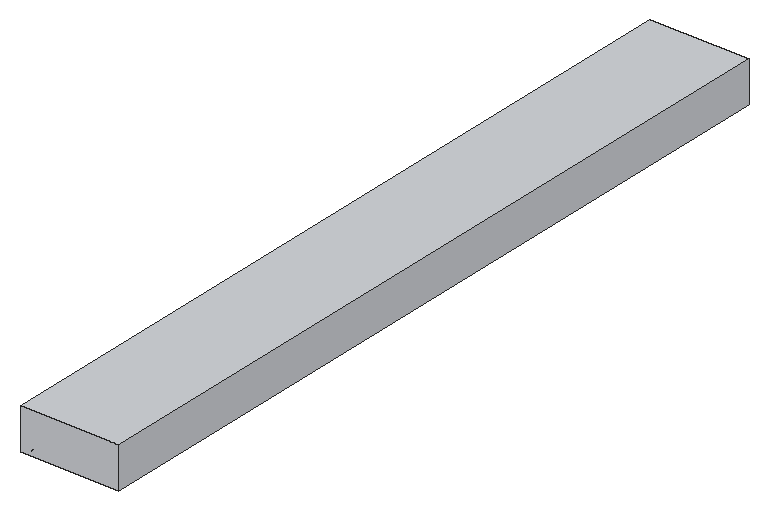
Revit family
Parameters (values of type "12" Wide")
  Width = 1' - 0"
  Lumens = 1800 lm
  Louver Number [instance] = Length / 0' 6"  # 16
  Length [instance] = 8' - 0"
  Assembly Code = ""
Reference planes (in)
  plane 1 "Light Source Axis (F/B)": y = -1.15164
  plane 2 "Ceiling": z = 96
  plane 3 "Light Source Axis (L/R)": x = 1.78514
  plane 4 "Light Source Elevation": z = 92
  plane 5 "Symbol Plane": z = 72
  plane 6: y = 46.84836
  plane 7: y = -49.15164
  plane 8: x = 7.78514
  plane 9: x = -4.21486
Forms (in)
  Extrusion 1, void
    sketch origin (0, 0, 96) x (1, 0, 0) y (0, 1, 0)
      loop
        line (-4.21486, 46.84836) -> (-4.21486, -49.15164) -> (7.78514, -49.15164) -> (7.78514, 46.84836) -> (-4.21486, 46.84836)
    from -2 to 14
  Extrusion 2, solid
    sketch origin (0, -1.15164, 0) x (1, 0, 0) y (0, 0, 1)
      loop
        line (-4.21486, 96) -> (-3.46486, 96)
        arc (-3.46486, 96) -> (0.33807, 98.95003) -> (5.03514, 100) r 11.03125
        line (5.03514, 100) -> (7.03514, 100) -> (7.03514, 96) -> (7.78514, 96) -> (7.78514, 101) -> (-4.21486, 101) -> (-4.21486, 96)
      loop
        circle (5.85043, 98.95369) r 0.5
    from -48 to 48
  Extrusion 3, solid
    sketch origin (0, 0, 96) x (1, 0, 0) y (0, 1, 0)
      loop
        line (-4.21486, 46.84836) -> (-4.21486, -49.15164) -> (7.78514, -49.15164) -> (7.78514, 46.84836) -> (-4.21486, 46.84836)
      loop
        line (-3.46486, 46.09836) -> (-3.46486, -48.40164) -> (7.03514, -48.40164) -> (7.03514, 46.09836) -> (-3.46486, 46.09836)
    from 0 to 5
Cuts and joins
  joined: Extrusion 2, Extrusion 3
Lines and regions (in)
  sketch lines
    curve 1: line (-58.21486, 58.84836, 0) -> (61.78514, 58.84836, 0)
    curve 2: line (-58.21486, 58.84836, 0) -> (-58.21486, -61.15164, 0)
    curve 3: line (-58.21486, -61.15164, 0) -> (61.78514, -61.15164, 0)
    curve 4: line (61.78514, 58.84836, 0) -> (61.78514, -61.15164, 0)
  symbolic lines
    curve 5: line (-4.21486, -49.15164, 72) -> (7.78514, -49.15164, 72)
    curve 6: line (-4.21486, 46.84836, 72) -> (-4.21486, -49.15164, 72)
    curve 7: line (7.78514, 46.84836, 72) -> (-4.21486, 46.84836, 72)
    curve 8: line (7.78514, -49.15164, 72) -> (7.78514, 46.84836, 72)
    curve 9: line (-3.46486, -48.40164, 72) -> (7.03514, -48.40164, 72)
    curve 10: line (-3.46486, 46.09836, 72) -> (-3.46486, -48.40164, 72)
    curve 11: line (7.03514, 46.09836, 72) -> (-3.46486, 46.09836, 72)
    curve 12: line (7.03514, -48.40164, 72) -> (7.03514, 46.09836, 72)
    curve 13: line (7.03514, -48.40164, 72) -> (-3.46486, -48.40164, 72)
    curve 14: line (7.03514, 39.79836, 72) -> (-3.46486, 39.79836, 72)
    curve 15: line (7.03514, 33.49836, 72) -> (-3.46486, 33.49836, 72)
    curve 16: line (7.03514, 27.19836, 72) -> (-3.46486, 27.19836, 72)
    curve 17: line (7.03514, 20.89836, 72) -> (-3.46486, 20.89836, 72)
    curve 18: line (7.03514, 14.59836, 72) -> (-3.46486, 14.59836, 72)
    curve 19: line (7.03514, 8.29836, 72) -> (-3.46486, 8.29836, 72)
    curve 20: line (7.03514, 1.99836, 72) -> (-3.46486, 1.99836, 72)
    curve 21: line (7.03514, -4.30164, 72) -> (-3.46486, -4.30164, 72)
    curve 22: line (7.03514, -10.60164, 72) -> (-3.46486, -10.60164, 72)
    curve 23: line (7.03514, -16.90164, 72) -> (-3.46486, -16.90164, 72)
    curve 24: line (7.03514, -23.20164, 72) -> (-3.46486, -23.20164, 72)
    curve 25: line (7.03514, -29.50164, 72) -> (-3.46486, -29.50164, 72)
    curve 26: line (7.03514, -35.80164, 72) -> (-3.46486, -35.80164, 72)
    curve 27: line (7.03514, -42.10164, 72) -> (-3.46486, -42.10164, 72)
Dimensions and locks (in)
  equal spacing: curve 2, plane 3 "Light Source Axis (L/R)", curve 4
  equal spacing: curve 3, plane 1 "Light Source Axis (F/B)", curve 1
  curve 2 to curve 4 = 10' - 0"
  curve 3 to curve 1 = 10' - 0"
  equal spacing: plane 9, plane 3 "Light Source Axis (L/R)", plane 8
  equal spacing: plane 6, plane 1 "Light Source Axis (F/B)", plane 7
  "Length": plane 6 to plane 7
  "Width": plane 9 to plane 8
  locked: curve 9 to plane 7 at 0.75
  locked: plane 6 to curve 11 at 0.75
  equal spacing: group 1, group 3, group 4, group 5, group 6, group 7, group 8, group 9, group 10, group 11, group 12, group 13, group 14, group 15, group 16, group 2  (x2)
  equal spacing: group 2, group 16, group 15, group 14, group 13, group 12, group 11, group 10, group 9, group 8, group 7, group 6, group 5, group 4, group 3, group 1
  aligned and locked: plane 9 to Extrusion 1 sketch curve
  aligned and locked: Extrusion 1 sketch curve to plane 6
  aligned and locked: plane 7 to Extrusion 1 sketch curve
  aligned and locked: Extrusion 1 sketch curve to plane 8
  aligned and locked: Extrusion 2 to plane 7
  aligned and locked: plane 6 to Extrusion 2
  aligned and locked: Extrusion 1 to Extrusion 3 sketch curve
  aligned and locked: Extrusion 3 sketch curve to Extrusion 1  (x3)
  aligned and locked: Extrusion 3 to plane 2 "Ceiling"
  aligned and locked: Extrusion 3 to Extrusion 2
  aligned and locked: curve 13 to cut or joined group of Extrusion 2, Extrusion 3
Automatic sketch dimensions
  plane 9 to Extrusion 3 sketch curve = 0' - 0 3/4"
  Extrusion 3 sketch curve to plane 8 = 0' - 0 3/4"
  plane 7 to Extrusion 3 sketch curve = 0' - 0 3/4"
  Extrusion 3 sketch curve to plane 6 = 0' - 0 3/4"
  curve 5 to plane 7 = 0' - 0"
  curve 5 to plane 8 = 0' - 0"
  curve 6 to plane 9 = 0' - 0"
  curve 7 to plane 6 = 0' - 0"
  curve 12 to plane 8 = 0' - 0 3/4"
  plane 9 to curve 10 = 0' - 0 3/4"
  curve 12 to plane 6 = 0' - 0 3/4"
  curve 10 to plane 6 = 0' - 0 3/4"
  Extrusion 2 sketch curve to plane 9 = 0' - 0"
  Extrusion 2 sketch curve to plane 2 "Ceiling" = 0' - 0"  (x2)
  Extrusion 2 sketch curve to plane 8 = 0' - 0"
  Extrusion 2 sketch curve to Extrusion 2 sketch curve = 0' - 0 3/4"
  Extrusion 2 sketch curve to plane 8 = 0' - 2 3/4"
  Extrusion 2 sketch curve to Extrusion 2 sketch curve = 0' - 0.81529"
  Extrusion 2 sketch curve to plane 8 = 0' - 0 3/4"
  plane 4 "Light Source Elevation" to Extrusion 2 sketch curve = 0' - 3 1/32"
  Extrusion 2 sketch curve to Extrusion 2 sketch curve = 0' - 1.04631"
  plane 2 "Ceiling" to Extrusion 2 sketch curve = 0' - 5"
  radius of Extrusion 2 sketch curve = 0' - 0 1/2"
